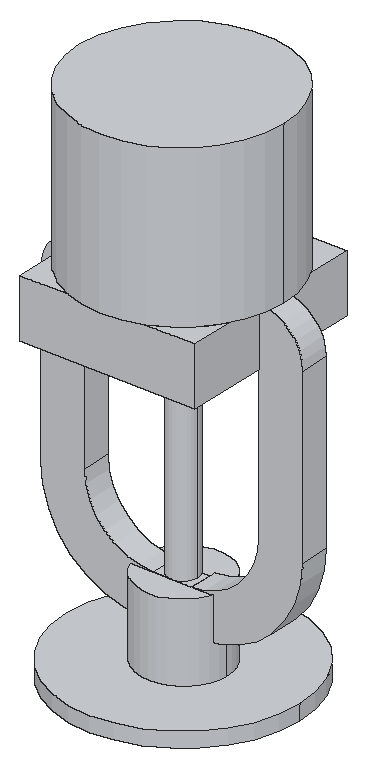
Revit family
Parameters (values of type "RASCO F156 PENDENT")
  Temperature Rating = 155 °F
  Response = (empty or 0)
  RASCO SIN # = "RA1314"
  RASCO Part # = "F56P1W"
  Pressure Rating = "175 PSI"
  Pressure Class = (empty or 0)
  Orifice Size = 1/2"
  Orifice = (empty or 0)
  Model = "F156"
  Manufacturer = "RASCO"
  K-Factor = 5.6
  Description = "White Finish"
  Coverage = (empty or 0)
Reference planes (in)
  plane 1 "Center (Front/Back)": y = 0
  plane 2: z = 0
  plane 3 "Center (Left/Right)": x = 0
Dimensions and locks (in)
  aligned and locked: plane 2 to level
Nested families (in)
  nested 1: "F56P1W" at (-0.0113, 0, 2.4375) x (-1, 0, 0) z (0, 0, -1), type "RASCO F156 PENDENT"
Connectors (in)
  piping at (-0.0113, 0, 2.4375)
    settings: on nested 1, index 1, connector radius 55/128", flow factor 0, pipe flow 0 GPM, pressure drop 0.00 psi, fitting loss kfactor 0, connector angle 0.00°, fixture units 0, flow configuration 0, flow direction 0, fitting loss method 0, system type 7, connector reference index -1, connector utility 0, adjustable connector no, is connector primary yes, fitting loss table "", connector description ""
Definition of nested family "F56P1W"
  Parameters (values of type "RASCO F156 PENDENT")
    Type Comments = ""
    Temperature Rating = 0 °F
    Response = (empty or 0)
    Pressure Rating = "0"
    Pressure Class = (empty or 0)
    Orifice Size = 0"
    Orifice = (empty or 0)
    Model = ""
    Manufacturer = ""
    K-Factor = 0
    Description = ""
    Coverage = (empty or 0)
    Assembly Code = ""
  Reference planes (in)
    plane 1 "Center (Front/Back)": y = 0
    plane 2: z = 0
    plane 3 "ref.2": z = 0.6875
    plane 4 "ref.3": z = 0.9375
    plane 5: x = -0.38065
    plane 6: x = 0.36935
    plane 7 "ref. side 1": y = 0.06402
    plane 8 "ref. side 2": y = -0.06098
    plane 9 "ref.4": z = 1.875
    plane 10 "ref.5": z = 2.3125
    plane 11 "ref.6": z = 2.4375
  Forms (in)
    Extrusion 1, solid
      sketch origin (0, 0, 0) x (1, 0, 0) y (0, 1, 0)
        loop
          circle (0, 0) r 0.4379
      from 0 to 0.6875
    Extrusion 2, solid
      sketch origin (-0.12185, 0.05177, 0.6875) x (1, 0, 0) y (0, 1, 0)
        loop
          line (-0.2588, 0.356) -> (-0.2588, -0.4565) -> (0.4912, -0.4565) -> (0.4912, 0.356) -> (-0.2588, 0.356)
      from 0 to 0.25
    Extrusion 3, solid
      sketch origin (0, 0, 0) x (1, 0, 0) y (0, 0, 1)
        loop
          line (-0.38065, 0.68754) -> (-0.38065, 1.58397)
          arc (-0.38065, 1.58397) -> (-0.29541, 1.78976) -> (-0.08962, 1.875) r 0.29103
          line (-0.08962, 1.875) -> (0.07524, 1.875)
          arc (0.07524, 1.875) -> (0.28321, 1.78886) -> (0.36935, 1.58089) r 0.29411
          line (0.36935, 1.58089) -> (0.36935, 0.68751)
          arc (0.36935, 0.68751) -> (0.50207, 0.74393) -> (0.55685, 0.87734) r 0.18984
          line (0.55685, 0.87734) -> (0.55685, 1.61676)
          arc (0.55685, 1.61676) -> (0.42629, 1.93194) -> (0.11111, 2.0625) r 0.44574
          line (0.11111, 2.0625) -> (-0.12259, 2.0625)
          arc (-0.12259, 2.0625) -> (-0.43765, 1.932) -> (-0.56815, 1.61694) r 0.44556
          line (-0.56815, 1.61694) -> (-0.56815, 0.87876)
          arc (-0.56815, 0.87876) -> (-0.51345, 0.74486) -> (-0.38065, 0.68754) r 0.19126
      from -0.06402 to 0.06098
    Extrusion 4, solid
      sketch origin (0, 0, 0.9375) x (-1, 0, 0) y (0, -1, 0)
        loop
          circle (0.00574, -0.00152) r 0.0625
      from 0 to 0.9375
    Extrusion 5, solid
      sketch origin (0, 0, 1.875) x (-1, 0, 0) y (0, -1, 0)
        loop
          circle (0.00574, -0.00152) r 0.1875
      from 0 to 0.4375
    Extrusion 6, solid
      sketch origin (0, 0, 2.3125) x (0, -1, 0) y (1, 0, 0)
        loop
          circle (-0.00152, -0.00574) r 0.5
      from -0.10531 to -0.03987
  Cuts and joins
    joined: Extrusion 1, Extrusion 2, Extrusion 4
  Lines and regions (in)
    model lines
      curve 1: line (-0.00574, 0.06402, 1.875) -> (-0.00574, -0.06098, 1.875)
